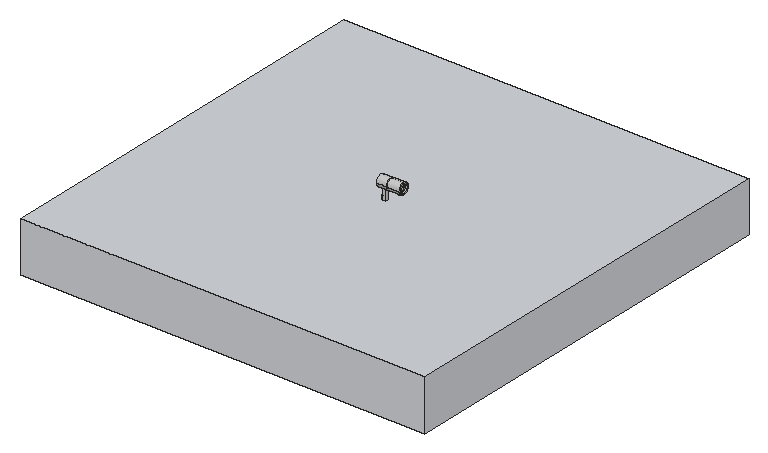
Revit family "LAMP_HANCE 48V 1000-2000 FLOOD", category Luminarias, Revit 2015
Parameters (values of type "625LM 2700 FLOOD BLACK")
  Weight = 0.435 kg
  Type = "COB PHILIPS"
  Tilting angle [instance] = 90.00°
  Tilting [instance] = if(Tilting angle < 0.00°, 0.00°, if(Tilting angle > 90.00°, 90.00°, Tilting angle))  # 90.00°
  Rotation angle [instance] = 90.00°
  Protection rating = "IP20"
  Product datasheet = "http://www.lamp.es/product-files/TECH/HS1TL10FL827NBB-EN.pdf"
  Product code = "HS1TL10FL827NBB"
  Product URL = "https://www.lamp.es/en/family/hance-48v_195581"
  Power Supply = "48V DC"
  Power = 9 W
  Plum = 9.4 W
  Photometric web file = Cuerpo Hance 48V BASE 1000_2000 (tilting)_FL : 625LM 2700 FLOOD BLACK
  Modelo = Product code  # "HS1TL10FL827NBB"
  Model explanation = "Availability of tilting between 0º and 90º, rotation between 0º and 355º and change ring color when placed in a project."
  Material tija = LAMP_Aluminio Hance Negro
  Manufacturer name = "LAMP"
  Manufacturer country = "Spain"
  Manufacturer URL = "http://www.lamp.es/en"
  MacAdam = "3"
  Luminaire type = "Indoor - Spotlight"
  Last update = "28/03/2019"
  Lamp = "COB LED"
  LED Lifetime = "50.000 L90 B10"
  Insulation class = "III"
  Installation instructions = "https://www.lamp.es/product-files/INS/1004290-B-INSTR.%20DE%20MONTAJE%20HANCE%2048V.pdf"
  Initial intensity = 625 lm
  Initial color = 2700 K
  IEE = "A+"
  Height = 135 mm
  Gear = "Electronic"
  Finish = "RAL9011 textured"
  Fabricante = Manufacturer name  # "LAMP"
  Default Elevation = 1219.2 mm
  Efficacy = 66 lm/W
  Diameter = 65 mm
  Descripción = "HANCE TRACK 48 1000 VWW FL BK."
  Decorative ring [instance] = Aro decorativo 48V (tilting) (1000-2000) : Black
  Comentarios de tipo = Model explanation  # "Availability of tilting between 0º and 90º, rotation between 0º and 355º and change ring color when placed in a project."
  CRI = "80"
Types (12, lengths in mm): name | Product datasheet | Product code | Power | Plum | Photometric web file | Modelo | Material tija | LED Lifetime | Initial intensity | Initial color | Finish | Efficacy | Descripción
  625LM 2700 FLOOD BLACK | "http://www.lamp.es/product-files/TECH/HS1TL10FL827NBB-EN.pdf" | "HS1TL10FL827NBB" | 9 W | 9.4 W | Cuerpo Hance 48V BASE 1000_2000 (tilting)_FL : 625LM 2700 FLOOD BLACK | "HS1TL10FL827NBB" | LAMP_Aluminio Hance Negro | "50.000 L90 B10" | 625 lm | 2700 K | "RAL9011 textured" | 66 lm/W | "HANCE TRACK 48 1000 VWW FL BK."
  625LM 2700 FLOOD WHITE | "http://www.lamp.es/product-files/TECH/HS1TL10FL827NBW-EN.pdf" | "HS1TL10FL827NBW" | 9 W | 9.4 W | Cuerpo Hance 48V BASE 1000_2000 (tilting)_FL : 625LM 2700 FLOOD WHITE | "HS1TL10FL827NBW" | LAMP_Aluminio Hance Blanco | "50.000 L90 B10" | 625 lm | 2700 K | "RAL9010 textured" | 66 lm/W | "HANCE TRACK 48 1000 VWW FL WH."
  637LM 3000 FLOOD BLACK | "http://www.lamp.es/product-files/TECH/HS1TL10FL830NBB-EN.pdf" | "HS1TL10FL830NBB" | 9 W | 9.4 W | Cuerpo Hance 48V BASE 1000_2000 (tilting)_FL : 637LM 3000 FLOOD BLACK | "HS1TL10FL830NBB" | LAMP_Aluminio Hance Negro | "50.000 L90 B10" | 637 lm | 3000 K | "RAL9011 textured" | 68 lm/W | "HANCE TRACK 48 1000 WW FL BK."
  637LM 3000 FLOOD WHITE | "http://www.lamp.es/product-files/TECH/HS1TL10FL830NBW-EN.pdf" | "HS1TL10FL830NBW" | 9 W | 9.4 W | Cuerpo Hance 48V BASE 1000_2000 (tilting)_FL : 637LM 3000 FLOOD WHITE | "HS1TL10FL830NBW" | LAMP_Aluminio Hance Blanco | "50.000 L90 B10" | 637 lm | 3000 K | "RAL9010 textured" | 68 lm/W | "HANCE TRACK 48 1000 WW FL WH."
  675LM 4000 FLOOD BLACK | "http://www.lamp.es/product-files/TECH/HS1TL10FL840NBB-EN.pdf" | "HS1TL10FL840NBB" | 9 W | 9.4 W | Cuerpo Hance 48V BASE 1000_2000 (tilting)_FL : 675LM 4000 FLOOD BLACK | "HS1TL10FL840NBB" | LAMP_Aluminio Hance Negro | "50.000 L90 B10" | 675 lm | 4000 K | "RAL9011 textured" | 72 lm/W | "HANCE TRACK 48 1000 NW FL BK."
  675LM 4000 FLOOD WHITE | "http://www.lamp.es/product-files/TECH/HS1TL10FL840NBW-EN.pdf" | "HS1TL10FL840NBW" | 9 W | 9.4 W | Cuerpo Hance 48V BASE 1000_2000 (tilting)_FL : 675LM 4000 FLOOD WHITE | "HS1TL10FL840NBW" | LAMP_Aluminio Hance Blanco | "50.000 L90 B10" | 675 lm | 4000 K | "RAL9010 textured" | 72 lm/W | "HANCE TRACK 48 1000 NW FL WH."
  1357LM 2700 FLOOD BLACK | "http://www.lamp.es/product-files/TECH/HS1TL20FL827NBB-EN.pdf" | "HS1TL20FL827NBB" | 18 W | 16.9 W | Cuerpo Hance 48V BASE 1000_2000 (tilting)_FL : 1357LM 2700 FLOOD BLACK | "HS1TL20FL827NBB" | LAMP_Aluminio Hance Negro | "50.000 L80 B10" | 1357 lm | 2700 K | "RAL9011 textured" | 80 lm/W | "HANCE TRACK 48 2000 VWW FL BK."
  1357LM 2700 FLOOD WHITE | "http://www.lamp.es/product-files/TECH/HS1TL20FL827NBW-EN.pdf" | "HS1TL20FL827NBW" | 18 W | 16.9 W | Cuerpo Hance 48V BASE 1000_2000 (tilting)_FL : 1357LM 2700 FLOOD WHITE | "HS1TL20FL827NBW" | LAMP_Aluminio Hance Blanco | "50.000 L80 B10" | 1357 lm | 2700 K | "RAL9010 textured" | 80 lm/W | "HANCE TRACK 48 2000 VWW FL WH."
  1384LM 3000 FLOOD BLACK | "http://www.lamp.es/product-files/TECH/HS1TL20FL830NBB-EN.pdf" | "HS1TL20FL830NBB" | 18 W | 16.9 W | Cuerpo Hance 48V BASE 1000_2000 (tilting)_FL : 1384LM 3000 FLOOD BLACK | "HS1TL20FL830NBB" | LAMP_Aluminio Hance Negro | "50.000 L80 B10" | 1384 lm | 3000 K | "RAL9011 textured" | 82 lm/W | "HANCE TRACK 48 2000 WW FL BK."
  1384LM 3000 FLOOD WHITE | "http://www.lamp.es/product-files/TECH/HS1TL20FL830NBW-EN.pdf" | "HS1TL20FL830NBW" | 18 W | 16.9 W | Cuerpo Hance 48V BASE 1000_2000 (tilting)_FL : 1384LM 3000 FLOOD WHITE | "HS1TL20FL830NBW" | LAMP_Aluminio Hance Blanco | "50.000 L80 B10" | 1384 lm | 3000 K | "RAL9010 textured" | 82 lm/W | "HANCE TRACK 48 2000 WW FL WH."
  1467LM 4000 FLOOD BLACK | "http://www.lamp.es/product-files/TECH/HS1TL20FL840NBB-EN.pdf" | "HS1TL20FL840NBB" | 18 W | 16.9 W | Cuerpo Hance 48V BASE 1000_2000 (tilting)_FL : 1467LM 4000 FLOOD BLACK | "HS1TL20FL840NBB" | LAMP_Aluminio Hance Negro | "50.000 L80 B10" | 1467 lm | 4000 K | "RAL9011 textured" | 87 lm/W | "HANCE TRACK 48 2000 NW FL BK."
  1467LM 4000 FLOOD WHITE | "http://www.lamp.es/product-files/TECH/HS1TL20FL840NBW-EN.pdf" | "HS1TL20FL840NBW" | 18 W | 16.9 W | Cuerpo Hance 48V BASE 1000_2000 (tilting)_FL : 1467LM 4000 FLOOD WHITE | "HS1TL20FL840NBW" | LAMP_Aluminio Hance Blanco | "50.000 L80 B10" | 1467 lm | 4000 K | "RAL9010 textured" | 87 lm/W | "HANCE TRACK 48 2000 NW FL WH."
Reference planes
  plane 1 "Centro (Frontal/Posterior)": y = 0
  plane 2: z = 0
  plane 3 "Centro (Izquierda/Derecha)": x = 0
Forms (mm)
  Extrusion 1, solid
    sketch origin (0, 0, 0) x (1, 0, 0) y (0, 1, 0)
      loop
        line (-1219.2, 1219.2) -> (-1219.2, -1219.2) -> (1219.2, -1219.2) -> (1219.2, 1219.2) -> (-1219.2, 1219.2)
    from 0 to -304.8
Lines and regions (mm)
  reference lines
    curve 1: line (0, 0, 0) -> (35, 0, 0)
Text (mm)
  text "Any modification of the parameters and properties of the LAMP BIM models must be executed and validated by the LAMP technical department.\n\nPhone: +34 93 736 68 00\n\nE-mail: lamp@lamp.es\n\n\n\nLAMP reserves the right to modify the technical specifications of its products." at (-20834.097, 15882.061, -4447.286), in view "Preview"
Dimensions and locks
  "Rotation angle": angle curve 1 to plane 3 "Centro (Izquierda/Derecha)"
  aligned and locked: plane 2 to Extrusion 1
  aligned and locked: level to Extrusion 1
  aligned and locked: plane 3 "Centro (Izquierda/Derecha)" to curve 1
  aligned and locked: plane 1 "Centro (Frontal/Posterior)" to curve 1
Automatic sketch dimensions
  Extrusion 1 sketch curve to Extrusion 1 sketch curve = 2438.4 mm  (x2)
Nested families
  nested 1: "Tija 48V (1000-2000)" at (4.1, 0, 0), type "Tija 48V"
  nested 2: "Cuerpo Hance 48V BASE 1000_2000 (tilting)_FL" at (1.081, -1.967, 77.249) x (1, 0, 0) z (0, 0, -1), type <- "Photometric web file", type "625LM 2700 FLOOD BLACK"
  nested 3: "Aro decorativo 48V (tilting) (1000-2000)" at (57.856, 0, 77.274) x (0, 0, 1) z (1, 0, 0), type <- "Decorative ring", type "Black"
    with Tilting 0.00°
Definition of nested family "Tija 48V (1000-2000)"
  Parameters (values of type "Tija 48V")
    Profundidad tija = 18 mm
    Material tija = none
    Default Elevation = 1219.2 mm
    Diametro vaciado redondo = if(Anchura tija = 20 mm, 10 mm, 7.5 mm)  # 10 mm
    Anchura tija = 20 mm
    Profundo vaciado = if(Profundidad tija = 18 mm, 10.8 mm, 1 mm)  # 10.8 mm
    Ancho vaciado = Anchura tija  # 20 mm
    Altura tija = 88.5 mm
  Reference planes
    plane 1 "Centro (Frontal/Posterior)": y = 0
    plane 2: z = 0
    plane 3 "Centro (Izquierda/Derecha)": x = 0
  Forms (mm)
    Extrusion 1, solid
      sketch origin (0, 0, 0) x (1, 0, 0) y (0, 1, 0)
        loop
          line (-1219.2, 1219.2) -> (-1219.2, -1219.2) -> (1219.2, -1219.2) -> (1219.2, 1219.2) -> (-1219.2, 1219.2)
      from 0 to -304.8
    Extrusion 2, solid, material <- "Material tija"
      sketch origin (0, 0, -18) x (1, 0, 0) y (0, 0, 1)
        loop
          line (13.9, 18) -> (13.9, 106.5) -> (-6.297, 106.5)
          arc (-6.297, 106.5) -> (-12.297, 100.5) -> (-6.297, 94.5) r 6
          line (-6.297, 94.5) -> (-4.1, 94.5) -> (-4.1, 40) -> (-18.142, 40) -> (-18.142, 18) -> (-4.1, 18) -> (13.9, 18)
      from -10 to 10
    Extrusion 3, void
      sketch origin (10.8, -11.5, 0) x (-1, 0, 0) y (0, 1, 0)
        loop
          line (0, 21.5) -> (-28.341, 21.5) -> (-28.341, 1.5) -> (0, 1.5)
          arc (0, 1.5) -> (-1.264, 11.5) -> (0, 21.5) r 40.201
      from -132.265 to 0
    Extrusion 4, void
      sketch origin (27.648, 0, 0) x (1, 0, 0) y (0, 1, 0)
        loop
          line (-31.748, 10) -> (-31.748, 20) -> (-61.648, 20) -> (-61.648, -18.394) -> (-31.748, -18.394) -> (-31.748, -10)
          arc (-31.748, -10) -> (-41.748, 0) -> (-31.748, 10) r 10
      from 0 to 22
    Extrusion 5, void
      sketch origin (0, 0, 0) x (1, 0, 0) y (0, 0, 1)
        loop
          circle (-7.621, 82.5) r 3.125
        loop
          circle (-7.621, 46.9) r 3.125
      from -21.347 to 27.483
  Cuts and joins
    Extrusion 3, Extrusion 4, Extrusion 5 cuts Extrusion 2
  Lines and regions (mm)
    reference lines
      curve 1: line (10.8, -11.5, 0) -> (10.8, 11.5, 0)
  Dimensions and locks
    equal spacing: cut or joined group of Extrusion 2, Extrusion 3, Extrusion 4, Extrusion 5, plane 1 "Centro (Frontal/Posterior)", cut or joined group of Extrusion 2, Extrusion 3, Extrusion 4, Extrusion 5
    "Anchura tija": cut or joined group of Extrusion 2, Extrusion 3, Extrusion 4, Extrusion 5 to cut or joined group of Extrusion 2, Extrusion 3, Extrusion 4, Extrusion 5
    plane 1 "Centro (Frontal/Posterior)" to Extrusion 3 sketch curve = 10 mm
    "Altura tija": Extrusion 2 sketch curve to Extrusion 2 sketch curve
    "Profundidad tija": cut or joined group of Extrusion 2, Extrusion 3, Extrusion 4, Extrusion 5 to cut or joined group of Extrusion 2, Extrusion 3, Extrusion 4, Extrusion 5
    locked: cut or joined group of Extrusion 2, Extrusion 3, Extrusion 4, Extrusion 5 to plane 3 "Centro (Izquierda/Derecha)" at 4.1
    locked: plane 3 "Centro (Izquierda/Derecha)" to Extrusion 3 sketch curve at 39.141
    "Profundo vaciado": plane 3 "Centro (Izquierda/Derecha)" to curve 1
    "Ancho vaciado": Extrusion 3 sketch curve to Extrusion 3 sketch curve
    equal spacing: Extrusion 3 sketch curve, plane 1 "Centro (Frontal/Posterior)", Extrusion 3 sketch curve
    "Diametro vaciado redondo": radius of Extrusion 4 sketch curve
    aligned and locked: plane 2 to Extrusion 1
    aligned and locked: level to Extrusion 1
  Automatic sketch dimensions
    Extrusion 1 sketch curve to Extrusion 1 sketch curve = 2438.4 mm  (x2)
    Extrusion 5 sketch curve to plane 3 "Centro (Izquierda/Derecha)" = 7.621 mm  (x2)
    level to Extrusion 5 sketch curve = 46.9 mm
    Extrusion 5 sketch curve to Extrusion 5 sketch curve = 35.6 mm
    Extrusion 5 sketch curve to Extrusion 5 sketch curve = 3.125 mm  (x2)
    Extrusion 2 sketch curve to level = 0 mm
    Extrusion 2 sketch curve to plane 3 "Centro (Izquierda/Derecha)" = 18.142 mm
    Extrusion 2 sketch curve to plane 3 "Centro (Izquierda/Derecha)" = 6.297 mm
    Extrusion 2 sketch curve to plane 3 "Centro (Izquierda/Derecha)" = 4.1 mm  (x2)
    plane 3 "Centro (Izquierda/Derecha)" to Extrusion 2 sketch curve = 13.9 mm
    level to Extrusion 2 sketch curve = 22 mm
    Extrusion 2 sketch curve to Extrusion 2 sketch curve = 12 mm
    plane 1 "Centro (Frontal/Posterior)" to curve 1 = 11.5 mm
    curve 1 to plane 1 "Centro (Frontal/Posterior)" = 11.5 mm
    Extrusion 3 sketch curve to curve 1 = 0 mm  (x2)
    curve 1 to Extrusion 3 sketch curve = 38.937 mm
    plane 1 "Centro (Frontal/Posterior)" to Extrusion 4 sketch curve = 0 mm
    Extrusion 4 sketch curve to plane 3 "Centro (Izquierda/Derecha)" = 34 mm
    Extrusion 4 sketch curve to plane 3 "Centro (Izquierda/Derecha)" = 4.1 mm
    plane 1 "Centro (Frontal/Posterior)" to Extrusion 4 sketch curve = 18.394 mm
    Extrusion 4 sketch curve to Extrusion 4 sketch curve = 10 mm
Definition of nested family "Cuerpo Hance 48V BASE 1000_2000 (tilting)_FL"
  Parameters (values of type "625LM 2700 FLOOD BLACK")
    Tilting = 90.00°
    Photometric web file = Cuerpo Hance 48V BASE 1000_2000_FL : 625LM 2700 FLOOD BLACK
    Longitud cuerpo = 135 mm
    Default Elevation = 1219.2 mm
  Types (13, lengths in mm): name | Photometric web file
    (no name) | Cuerpo Hance 48V BASE 1000_2000_FL : 625LM 2700 FLOOD BLACK
    625LM 2700 FLOOD BLACK | Cuerpo Hance 48V BASE 1000_2000_FL : 625LM 2700 FLOOD BLACK
    625LM 2700 FLOOD WHITE | Cuerpo Hance 48V BASE 1000_2000_FL : 625LM 2700 FLOOD WHITE
    637LM 3000 FLOOD BLACK | Cuerpo Hance 48V BASE 1000_2000_FL : 637LM 3000 FLOOD BLACK
    637LM 3000 FLOOD WHITE | Cuerpo Hance 48V BASE 1000_2000_FL : 637LM 3000 FLOOD WHITE
    675LM 4000 FLOOD BLACK | Cuerpo Hance 48V BASE 1000_2000_FL : 675LM 4000 FLOOD BLACK
    675LM 4000 FLOOD WHITE | Cuerpo Hance 48V BASE 1000_2000_FL : 675LM 4000 FLOOD WHITE
    1357LM 2700 FLOOD BLACK | Cuerpo Hance 48V BASE 1000_2000_FL : 1357LM 2700 FLOOD BLACK
    1357LM 2700 FLOOD WHITE | Cuerpo Hance 48V BASE 1000_2000_FL : 1357LM 2700 FLOOD WHITE
    1384LM 3000 FLOOD BLACK | Cuerpo Hance 48V BASE 1000_2000_FL : 1384LM 3000 FLOOD BLACK
    1384LM 3000 FLOOD WHITE | Cuerpo Hance 48V BASE 1000_2000_FL : 1384LM 3000 FLOOD WHITE
    1467LM 4000 FLOOD BLACK | Cuerpo Hance 48V BASE 1000_2000_FL : 1467LM 4000 FLOOD BLACK
    1467LM 4000 FLOOD WHITE | Cuerpo Hance 48V BASE 1000_2000_FL : 1467LM 4000 FLOOD WHITE
  Reference planes
    plane 1 "Centro (Frontal/Posterior)": y = 0
    plane 2: z = 0
    plane 3 "Centro (Izquierda/Derecha)": x = 0
  Lines and regions (mm)
    reference lines
      curve 1: line (0, 0, 0) -> (200, 0, 0)
  Dimensions and locks
    "Tilting": angle plane 3 "Centro (Izquierda/Derecha)" to curve 1
    aligned and locked: level to plane 2
    aligned and locked: plane 3 "Centro (Izquierda/Derecha)" to curve 1
    aligned and locked: plane 2 to curve 1
  Nested families
    nested 1: "Cuerpo Hance 48V BASE 1000_2000_FL" at (21.857, -1.967, 11.25), type <- "Photometric web file", type "625LM 2700 FLOOD BLACK"
  Definition of nested family "Cuerpo Hance 48V BASE 1000_2000_FL"
    Parameters (values of type "625LM 2700 FLOOD BLACK")
      Tilt Angle = 90.00° + Tilting  # 180.00°
      Wattage = 9.4 W
      Tilting = 90.00°
      built-in parameter 1150107 = 2700 (stored number, unit not read)
      Radio vacio posterior = Radio cuerpo - 2.2 mm  # 30.3 mm
      Radio vaciado = Radio cuerpo - 1.5 mm  # 31 mm
      Radio optica = if(Radio cuerpo = 20 mm, 10 mm, 23 mm)  # 23 mm
      Radio cuerpo = if(Longitud cuerpo = 78 mm, 20 mm, 32.5 mm)  # 32.5 mm
      built-in parameter 1150110 = 1 (stored number, unit not read)
      built-in parameter 1150109 = 1 (stored number, unit not read)
      built-in parameter 1150112 = 1 (stored number, unit not read)
      built-in parameter 1150113 = 1 (stored number, unit not read)
      built-in parameter 1114218 = 1 (stored number, unit not read)
      built-in parameter 1150137 = (empty or 0)
      built-in parameter 1150132 = 2
      Material reflector = none
      Material optica = none
      Material cuerpo = none
      Material COB = none
      Longitud cuerpo = 135 mm
      Long. origen luz = if(Longitud cuerpo = 78 mm, 20 mm, 77 mm)  # 77 mm
      L_2 = if(Ancho disipador posterior = 32 mm, 9.5 mm, 21 mm)  # 21 mm
      L_1 = if(Ancho disipador posterior = 32 mm, 13 mm, 27 mm)  # 27 mm
      built-in parameter 1150105 = 2150.4 (stored number, unit not read)
      built-in parameter 1150102 = (empty or 0)
      built-in parameter 1150106 = 21.504 (stored number, unit not read)
      Lumens = 620.4 lm
      Color Filter = 16777215
      built-in parameter 1114217 = 1 (stored number, unit not read)
      built-in parameter 1150139 = (empty or 0)
      Default Elevation = 1219.2 mm
      built-in parameter 1150104 = 6.1316 (stored number, unit not read)
      Efficacy = 66 lm/W
      Diametro aro = if(Radio cuerpo = 20 mm, 17.9 mm, 30.4 mm)  # 30.4 mm
      built-in parameter 1150115 = 1 (stored number, unit not read)
      built-in parameter 1150114 = 1 (stored number, unit not read)
      built-in parameter 1150138 = (empty or 0)
      built-in parameter 1150134 = (empty or 0)
      Dimming Lamp Color Temperature Shift = (empty or 0)
      Photometric Web File = "HS1TL10FL827NBB.IES"
      Ancho vaciado reflector = Ancho reflector - 1 mm  # 23 mm
      Ancho reflector = 24 mm
      Ancho disipador posterior = if(Radio cuerpo = 20 mm, 32 mm, 57 mm)  # 57 mm
      built-in parameter 1150133 = 10 (stored number, unit not read)
      Altura disipador superior = if(Radio cuerpo = 20 mm, 44.3 mm, 45.3 mm)  # 45.3 mm
      Ancho disipador superior = if(Radio cuerpo = 20 mm, 16.8 mm, 22.6 mm)  # 22.6 mm
    Types (12, lengths in mm): name | Wattage | built-in parameter 1150107 | built-in parameter 1150105 | built-in parameter 1150106 | Lumens | built-in parameter 1150104 | Efficacy | built-in parameter 1150134 | Photometric Web File
      625LM 2700 FLOOD BLACK | 9.4 W | 2700 (stored number, unit not read) | 2150.4 (stored number, unit not read) | 21.504 (stored number, unit not read) | 620.4 lm | 6.1316 (stored number, unit not read) | 66 lm/W | (empty or 0) | "HS1TL10FL827NBB.IES"
      625LM 2700 FLOOD WHITE | 9.4 W | 2700 (stored number, unit not read) | 2150.4 (stored number, unit not read) | 21.504 (stored number, unit not read) | 620.4 lm | 6.1316 (stored number, unit not read) | 66 lm/W | (empty or 0) | "HS1TL10FL827NBW.IES"
      637LM 3000 FLOOD BLACK | 9.4 W | 3000 (stored number, unit not read) | 1228.7 (stored number, unit not read) | 12.287 (stored number, unit not read) | 639.2 lm | 6.3174 (stored number, unit not read) | 68 lm/W | (empty or 0) | "HS1TL10FL830NBB.IES"
      637LM 3000 FLOOD WHITE | 9.4 W | 3000 (stored number, unit not read) | 1228.7 (stored number, unit not read) | 12.287 (stored number, unit not read) | 639.2 lm | 6.3174 (stored number, unit not read) | 68 lm/W | (empty or 0) | "HS1TL10FL830NBW.IES"
      675LM 4000 FLOOD BLACK | 9.4 W | 4000 (stored number, unit not read) | 1301 (stored number, unit not read) | 13.01 (stored number, unit not read) | 676.8 lm | 6.689 (stored number, unit not read) | 72 lm/W | 12 | "HS1TL10FL840NBB.IES"
      675LM 4000 FLOOD WHITE | 9.4 W | 4000 (stored number, unit not read) | 1301 (stored number, unit not read) | 13.01 (stored number, unit not read) | 676.8 lm | 6.689 (stored number, unit not read) | 72 lm/W | 12 | "HS1TL10FL840NBW.IES"
      1357LM 2700 FLOOD BLACK | 16.9 W | 2700 (stored number, unit not read) | 2598.9 (stored number, unit not read) | 25.989 (stored number, unit not read) | 1352 lm | 7.4322 (stored number, unit not read) | 80 lm/W | (empty or 0) | "HS1TL20FL827NBB.IES"
      1357LM 2700 FLOOD WHITE | 16.9 W | 2700 (stored number, unit not read) | 2598.9 (stored number, unit not read) | 25.989 (stored number, unit not read) | 1352 lm | 7.4322 (stored number, unit not read) | 80 lm/W | (empty or 0) | "HS1TL20FL827NBW.IES"
      1384LM 3000 FLOOD BLACK | 16.9 W | 3000 (stored number, unit not read) | 2762.8 (stored number, unit not read) | 27.628 (stored number, unit not read) | 1385.8 lm | 7.618 (stored number, unit not read) | 82 lm/W | (empty or 0) | "HS1TL20FL830NBB.IES"
      1384LM 3000 FLOOD WHITE | 16.9 W | 3000 (stored number, unit not read) | 2762.8 (stored number, unit not read) | 27.628 (stored number, unit not read) | 1385.8 lm | 7.618 (stored number, unit not read) | 82 lm/W | (empty or 0) | "HS1TL20FL830NBW.IES"
      1467LM 4000 FLOOD BLACK | 16.9 W | 4000 (stored number, unit not read) | 2931.2 (stored number, unit not read) | 29.312 (stored number, unit not read) | 1470.3 lm | 8.0826 (stored number, unit not read) | 87 lm/W | 12 | "HS1TL20FL840NBB.IES"
      1467LM 4000 FLOOD WHITE | 16.9 W | 4000 (stored number, unit not read) | 2931.2 (stored number, unit not read) | 29.312 (stored number, unit not read) | 1470.3 lm | 8.0826 (stored number, unit not read) | 87 lm/W | 12 | "HS1TL20FL840NBW.IES"
    Reference planes
      plane 1 "Centro (Frontal/Posterior)": y = 0
      plane 2: z = 0
      plane 3 "Centro (Izquierda/Derecha)": x = 0
    Forms (mm)
      Extrusion 1, solid, material <- "Material cuerpo"
        sketch origin (0, 0, 0) x (0, -1, 0) y (0, 0, 1)
          loop
            circle (0, -27.875) r 32.5
        from -93 to 42
      Extrusion 2, void
        sketch origin (0, 0, 0) x (0, 1, 0) y (0, 0, 1)
          loop
            line (11.3, 30) -> (-11.3, 30) -> (-11.3, -15.3)
            arc (-11.3, -15.3) -> (0, -16.149) -> (11.3, -15.3) r 75.643
            line (11.3, -15.3) -> (11.3, 30)
        from -42 to -9.283
      Extrusion 3, void
        sketch origin (0, 0, 0) x (0, 1, 0) y (0, 0, 1)
          loop
            circle (0, -27.875) r 30.3
        from -42 to -41
      Extrusion 4, void
        sketch origin (0, 0, 0) x (0, 1, 0) y (0, 0, 1)
          loop
            line (28.5, -26.291) -> (-28.5, -26.291)
            arc (-28.5, -26.291) -> (-29.7, -27.491) -> (-28.5, -28.691) r 1.2
            line (-28.5, -28.691) -> (28.5, -28.691)
            arc (28.5, -28.691) -> (29.7, -27.491) -> (28.5, -26.291) r 1.2
          loop
            line (28.115, -30.891) -> (-28.115, -30.891)
            arc (-28.115, -30.891) -> (-29.315, -32.091) -> (-28.115, -33.291) r 1.2
            line (-28.115, -33.291) -> (28.115, -33.291)
            arc (28.115, -33.291) -> (29.315, -32.091) -> (28.115, -30.891) r 1.2
          loop
            line (27, -35.404) -> (-25.984, -35.404)
            arc (-25.984, -35.404) -> (-27.184, -36.604) -> (-25.984, -37.804) r 1.2
            line (-25.984, -37.804) -> (27, -37.804)
            arc (27, -37.804) -> (28.2, -36.604) -> (27, -35.404) r 1.2
          loop
            line (21, -39.58) -> (-21.697, -39.58)
            arc (-21.697, -39.58) -> (-22.897, -40.78) -> (-21.697, -41.98) r 1.2
            line (-21.697, -41.98) -> (21, -41.98)
            arc (21, -41.98) -> (22.2, -40.78) -> (21, -39.58) r 1.2
        from -42 to -38.7
      Extrusion 5, void
        sketch origin (0, 0, 0) x (-1, 0, 0) y (0, -1, 0)
          loop
            line (37.7, -6.3) -> (37.7, 6.3)
            arc (37.7, 6.3) -> (36.6, 7.4) -> (35.5, 6.3) r 1.1
            line (35.5, 6.3) -> (35.5, -6.3)
            arc (35.5, -6.3) -> (36.6, -7.4) -> (37.7, -6.3) r 1.1
          loop
            line (28.9, -6.3) -> (28.9, 6.3)
            arc (28.9, 6.3) -> (27.8, 7.4) -> (26.7, 6.3) r 1.1
            line (26.7, 6.3) -> (26.7, -6.3)
            arc (26.7, -6.3) -> (27.8, -7.4) -> (28.9, -6.3) r 1.1
          loop
            line (20.1, -6.3) -> (20.1, 6.3)
            arc (20.1, 6.3) -> (19, 7.4) -> (17.9, 6.3) r 1.1
            line (17.9, 6.3) -> (17.9, -6.3)
            arc (17.9, -6.3) -> (19, -7.4) -> (20.1, -6.3) r 1.1
        from -18.74 to 30
      Extrusion 6, void
        sketch origin (0, 0, 0) x (-1, 0, 0) y (0, -1, 0)
          loop
            line (33.3, -6.3) -> (33.3, 6.3)
            arc (33.3, 6.3) -> (32.2, 7.4) -> (31.1, 6.3) r 1.1
            line (31.1, 6.3) -> (31.1, -6.3)
            arc (31.1, -6.3) -> (32.2, -7.4) -> (33.3, -6.3) r 1.1
          loop
            line (24.5, -6.3) -> (24.5, 6.3)
            arc (24.5, 6.3) -> (23.4, 7.4) -> (22.3, 6.3) r 1.1
            line (22.3, 6.3) -> (22.3, -6.3)
            arc (22.3, -6.3) -> (23.4, -7.4) -> (24.5, -6.3) r 1.1
        from -16.455 to 30
      Extrusion 7, void
        sketch origin (0, 0, 0) x (0, 1, 0) y (0, 0, 1)
          loop
            circle (0, -27.875) r 31
        from 17.213 to 93
      Extrusion 8, solid, material <- "Material COB"
        sketch origin (0, 0, 0) x (0, -1, 0) y (0, 0, 1)
          loop
            circle (0, -27.875) r 7.733
        from -75.2 to -74.213
      Revolve 9, solid, material <- "Material reflector"
        sketch origin (0, 0, 0) x (1, 0, 0) y (0, 0, 1)
          loop
            line (79.5, -3.875) -> (74.213, -6.142) -> (73.213, -6.57) -> (73.213, -27.875) -> (74.213, -27.875) -> (74.213, -20.142) -> (75.2, -20.142) -> (79.5, -4.875) -> (79.5, -3.875)
          axis (73.213, -27.875) -> (79.5, -27.875)
        angle from 0 to 360
    Cuts and joins
      Extrusion 2, Extrusion 3, Extrusion 4, Extrusion 5, Extrusion 6, Extrusion 7 cuts Extrusion 1
    Lines and regions (mm)
      reference lines
        curve 1: line (0, 0, 0) -> (178.042, 0, 0)
        curve 2: line (36, 0, -27.875) -> (113, 0, -27.875)
        curve 3: line (0, 0, 0) -> (0, 0, -75)
        curve 4: line (36, 0, -22.875) -> (36, 0, -32.875)
    Text (mm)
      text "Any modification of the parameters and properties of the LAMP BIM models must be executed and validated by the LAMP technical department.\n\nPhone: +34 93 736 68 00\n\nE-mail: lamp@lamp.es\n\n\n\nLAMP reserves the right to modify the technical specifications of its products." at (97482.136, -81600.41, 57308.082), in view "Preview"
    Dimensions and locks
      "Longitud cuerpo": cut or joined group of Extrusion 1, Extrusion 2, Extrusion 3, Extrusion 4, Extrusion 5, Extrusion 6, Extrusion 7 to cut or joined group of Extrusion 1, Extrusion 2, Extrusion 3, Extrusion 4, Extrusion 5, Extrusion 6, Extrusion 7
      locked: cut or joined group of Extrusion 1, Extrusion 2, Extrusion 3, Extrusion 4, Extrusion 5, Extrusion 6, Extrusion 7 to curve 3 at 42
      "Long. origen luz": curve 4 to curve 2
      equal spacing: Extrusion 4 sketch curve, plane 1 "Centro (Frontal/Posterior)", Extrusion 4 sketch curve
      "Ancho disipador posterior": Extrusion 4 sketch curve to Extrusion 4 sketch curve
      "L_1": Extrusion 4 sketch curve to plane 1 "Centro (Frontal/Posterior)"
      "L_2": Extrusion 4 sketch curve to curve 3
      equal spacing: Extrusion 2 sketch curve, plane 1 "Centro (Frontal/Posterior)", Extrusion 2 sketch curve
      "Ancho disipador superior": Extrusion 2 sketch curve to Extrusion 2 sketch curve
      "Altura disipador superior": Extrusion 2 sketch curve to Extrusion 2 sketch curve
      locked: plane 2 to Extrusion 2 sketch curve at 30
      locked: Extrusion 8 to Extrusion 8 at 0.987
      locked: cut or joined group of Extrusion 1, Extrusion 2, Extrusion 3, Extrusion 4, Extrusion 5, Extrusion 6, Extrusion 7 to Extrusion 8 at 17.8
      "Ancho reflector": Revolve 9 sketch curve to imposter light
      locked: Revolve 9 to cut or joined group of Extrusion 1, Extrusion 2, Extrusion 3, Extrusion 4, Extrusion 5, Extrusion 6, Extrusion 7 at 13.5
      "Radio cuerpo": radius of Extrusion 1 sketch curve
      "Radio vaciado": radius of Extrusion 7 sketch curve
      "Radio vacio posterior": radius of Extrusion 3 sketch curve
      "Tilting": angle plane 3 "Centro (Izquierda/Derecha)" to curve 1
      aligned and locked: level to plane 2
      aligned and locked: imposter light to curve 2  (x2)
      aligned and locked: cut or joined group of Extrusion 1, Extrusion 2, Extrusion 3, Extrusion 4, Extrusion 5, Extrusion 6, Extrusion 7 to cut or joined group of Extrusion 1, Extrusion 2, Extrusion 3, Extrusion 4, Extrusion 5, Extrusion 6, Extrusion 7
    Automatic sketch dimensions
      Extrusion 8 sketch curve to plane 1 "Centro (Frontal/Posterior)" = 0 mm
      curve 1 to Extrusion 5 sketch curve = 17.9 mm
      Extrusion 5 sketch curve to Extrusion 5 sketch curve = 1.1 mm  (x3)
      Extrusion 5 sketch curve to Extrusion 5 sketch curve = 6.6 mm  (x2)
      Extrusion 5 sketch curve to curve 1 = 6.3 mm  (x3)
      curve 1 to Extrusion 5 sketch curve = 6.3 mm  (x3)
      Extrusion 6 sketch curve to curve 1 = 6.3 mm  (x2)
      curve 1 to Extrusion 6 sketch curve = 22.3 mm
      Extrusion 6 sketch curve to Extrusion 6 sketch curve = 1.1 mm  (x2)
      Extrusion 6 sketch curve to Extrusion 6 sketch curve = 6.6 mm
      curve 1 to Extrusion 6 sketch curve = 6.3 mm
      Extrusion 6 sketch curve to Extrusion 6 sketch curve = 0 mm
      Extrusion 1 sketch curve to plane 1 "Centro (Frontal/Posterior)" = 0 mm
      Extrusion 1 sketch curve to level = 27.875 mm
      Extrusion 2 sketch curve to plane 1 "Centro (Frontal/Posterior)" = 0 mm
      Extrusion 2 sketch curve to Extrusion 2 sketch curve = 29.494 mm
      Extrusion 3 sketch curve to plane 1 "Centro (Frontal/Posterior)" = 0 mm
      Extrusion 3 sketch curve to level = 27.875 mm
      Extrusion 4 sketch curve to Extrusion 4 sketch curve = 0.385 mm  (x2)
      Extrusion 4 sketch curve to Extrusion 4 sketch curve = 2.132 mm
      Extrusion 4 sketch curve to Extrusion 4 sketch curve = 4.287 mm
      Extrusion 4 sketch curve to level = 41.98 mm
      Extrusion 4 sketch curve to Extrusion 4 sketch curve = 1.2 mm  (x4)
      Extrusion 4 sketch curve to Extrusion 4 sketch curve = 1.776 mm
      Extrusion 4 sketch curve to Extrusion 4 sketch curve = 2.113 mm
      Extrusion 4 sketch curve to Extrusion 4 sketch curve = 2.2 mm
      Extrusion 7 sketch curve to plane 1 "Centro (Frontal/Posterior)" = 0 mm
      Extrusion 7 sketch curve to level = 27.875 mm
      curve 1 to level = 0 mm
      curve 1 to plane 3 "Centro (Izquierda/Derecha)" = 0 mm
      curve 3 to curve 1 = 0 mm  (x2)
      curve 3 to curve 1 = 75 mm
      curve 1 to curve 4 = 36 mm
      curve 1 to curve 4 = 32.875 mm
      curve 1 to curve 2 = 27.875 mm
      curve 2 to curve 4 = 5 mm
      Revolve 9 sketch curve to level = 6.57 mm
      plane 3 "Centro (Izquierda/Derecha)" to Revolve 9 sketch curve = 73.213 mm
      Revolve 9 sketch curve to level = 6.142 mm
      Revolve 9 sketch curve to Revolve 9 sketch curve = 1 mm  (x3)
      Revolve 9 sketch curve to level = 20.142 mm
      Revolve 9 sketch curve to Revolve 9 sketch curve = 0.987 mm
      Revolve 9 sketch curve to Revolve 9 sketch curve = 5.287 mm
      Revolve 9 sketch curve to Revolve 9 sketch curve = 7.733 mm
      Revolve 9 sketch curve to Revolve 9 sketch curve = 0 mm  (x2)
      Revolve 9 sketch curve to Revolve 9 sketch curve = 18.787 mm
      radius of Extrusion 8 sketch curve = 7.733 mm
Definition of nested family "Aro decorativo 48V (tilting) (1000-2000)"
  Parameters (values of type "Copper")
    Weight (1000/2000) = 0.01 kg
    Weight (500) = 0.004 kg
    Tilting = 90.00°
    Product datasheet = ""
    Product code (1000/2000) = "HSRI65C"
    Product code (500) = "HSRI40C"
    Product URL = ""
    Model = ""
    Material aro secundario = none
    Material aro = none
    Manufacturer name = "LAMP"
    Manufacturer country = "Spain"
    Manufacturer URL = "http://www.lamp.es/en"
    Longitud = 47.9 mm
    Last update = "18/03/2019"
    Installation instructions = ""
    Finish = "Metalized matt copper"
    Manufacturer = Manufacturer name  # "LAMP"
    Default Elevation = 1219.2 mm
    Diameter (1000/2000) = 65 mm
    Diameter (500) = 40 mm
    Description = ""
    Accessory Type = "Optic"
    1000/2000 Model = "HSRI65C"
    1000/2000 Description = "HANCE 1000/2000 ACC. RING DECO CO."
    500 Model = "HSRI40C"
    500 Description = "HANCE 500 ACC. RING DECO CO."
  Types (5, lengths in mm): name | Product code (1000/2000) | Product code (500) | Finish | 1000/2000 Model | 1000/2000 Description | 500 Model | 500 Description
    (no name) | "HSRI65C" | "HSRI40C" | "Metalized matt copper" | "HSRI65C" | "HANCE 1000/2000 ACC. RING DECO CO." | "HSRI40C" | "HANCE 500 ACC. RING DECO CO."
    Black | "" | "" | "Matt black" | "" | "" | "" | ""
    Copper | "HSRI65C" | "HSRI40C" | "Metalized matt copper" | "HSRI65C" | "HANCE 1000/2000 ACC. RING DECO CO." | "HSRI40C" | "HANCE 500 ACC. RING DECO CO."
    Grey | "HSRI65M" | "HSRI40M" | "Metalized matt silver" | "HSRI65M" | "HANCE 1000/2000 ACC. RING DECO MET." | "HSRI40M" | "HANCE 500 ACC. RING DECO MET."
    White | "HSRI65W" | "HSRI40W" | "Matt black" | "HSRI65W" | "HANCE 1000/2000 ACC. RING DECO WH." | "HSRI40W" | "HANCE 500 ACC. RING DECO WH."
  Reference planes
    plane 1 "Centro (Frontal/Posterior)": y = 0
    plane 2: z = 0
    plane 3 "Centro (Izquierda/Derecha)": x = 0
  Lines and regions (mm)
    reference lines
      curve 1: line (0, 0, 0) -> (0, 0, -16.564)
      curve 2: line (0, 0, -16.564) -> (47.89, 0, -16.564)
  Text (mm)
    text "Any modification of the parameters and properties of the LAMP BIM models must be executed and validated by the LAMP technical department.\n\nPhone: +34 93 736 68 00\n\nE-mail: lamp@lamp.es\n\n\n\nLAMP reserves the right to modify the technical specifications of its products." at (86527.204, -96597.187, 50741.736), in view "Preview"
  Dimensions and locks
    "Tilting": angle curve 1 to plane 2
    aligned and locked: level to plane 2
    aligned and locked: plane 3 "Centro (Izquierda/Derecha)" to curve 1
    aligned and locked: plane 2 to curve 1
  Automatic sketch dimensions
    curve 2 to curve 1 = 0 mm
    curve 1 to curve 2 = 0 mm
    curve 1 to curve 2 = 47.89 mm
  Nested families
    nested 1: "Aro decorativo 48V (1000-2000)" at (-0.01, 0, 0), type "Copper"
  Definition of nested family "Aro decorativo 48V (1000-2000)"
    Parameters (values of type "Copper")
      Weight (1000/2000) = 0.01 kg
      Weight (500) = 0.004 kg
      Product datasheet = ""
      Product code (1000/2000) = "HSRI65C"
      Product code (500) = "HSRI40C"
      Product URL = ""
      Model = ""
      Material aro secundario = none
      Material aro = none
      Manufacturer name = "LAMP"
      Manufacturer country = "Spain"
      Manufacturer URL = "http://www.lamp.es/en"
      Longitud = 47.9 mm
      Last update = "18/03/2019"
      Installation instructions = ""
      Finish = "Metalized matt copper"
      Manufacturer = Manufacturer name  # "LAMP"
      Radio vaciado aro interior = 24.921 mm
      Radio vaciado aro exterior = 30 mm
      Radio aro interior = 25.985 mm
      Radio aro exterior = 31 mm
      Default Elevation = 1219.2 mm
      Diameter (1000/2000) = 65 mm
      Diameter (500) = 40 mm
      Description = ""
      Accessory Type = "Optic"
      1000/2000 Model = "HSRI65C"
      1000/2000 Description = "HANCE 1000/2000 ACC. RING DECO CO."
      500 Description = "HANCE 500 ACC. RING DECO CO."
      500 Model = "HSRI40C"
    Types (5, lengths in mm): name | Product code (1000/2000) | Product code (500) | Finish | Radio vaciado aro interior | Radio aro interior | 1000/2000 Model | 1000/2000 Description | 500 Description | 500 Model
      (no name) | "HSRI65C" | "HSRI40C" | "Metalized matt copper" | 24.921 | 25.985 | "HSRI65C" | "HANCE 1000/2000 ACC. RING DECO CO." | "HANCE 500 ACC. RING DECO CO." | "HSRI40C"
      Black | "" | "" | "Matt black" | 24.9 | 26 | "" | "" | "" | ""
      Copper | "HSRI65C" | "HSRI40C" | "Metalized matt copper" | 24.921 | 25.985 | "HSRI65C" | "HANCE 1000/2000 ACC. RING DECO CO." | "HANCE 500 ACC. RING DECO CO." | "HSRI40C"
      Grey | "HSRI65M" | "HSRI40M" | "Metalized matt silver" | 24.9 | 26 | "HSRI65M" | "HANCE 1000/2000 ACC. RING DECO MET." | "HANCE 500 ACC. RING DECO MET." | "HSRI40M"
      White | "HSRI65W" | "HSRI40W" | "Matt white" | 24.9 | 26 | "HSRI65W" | "HANCE 1000/2000 ACC. RING DECO WH." | "HANCE 500 ACC. RING DECO WH." | "HSRI40W"
    Reference planes
      plane 1 "Centro (Frontal/Posterior)": y = 0
      plane 2: z = 0
      plane 3 "Centro (Izquierda/Derecha)": x = 0
    Forms (mm)
      Revolve 1, solid, material <- "Material aro"
        sketch origin (0, 0, -16.6) x (1, 0, 0) y (0, 0, 1)
          loop
            line (46.082, 0) -> (58.082, 0) -> (58.082, 31) -> (46.082, 25.921) -> (46.082, 0)
          axis (58.082, 0) -> (46.082, 0)
        angle from 0 to 360
      Revolve 2, void
        sketch origin (0, 0, -16.6) x (1, 0, 0) y (0, 0, 1)
          loop
            line (58.082, 30) -> (46.082, 24.921) -> (46.082, 0) -> (58.082, 0) -> (58.082, 30)
          axis (46.082, 0) -> (58.082, 0)
        angle from 0 to 360
      Revolve 3, solid, material <- "Material aro secundario"
        sketch origin (0, 0, 0) x (1, 0, 0) y (0, 0, 1)
          loop
            line (46.082, -16.6) -> (46.082, 9.321) -> (42.782, 7.294) -> (42.782, -16.6) -> (46.082, -16.6)
          axis (42.782, -16.6) -> (46.082, -16.6)
        angle from 0 to 360
      Revolve 4, void
        sketch origin (0, 0, 0) x (1, 0, 0) y (0, 0, 1)
          loop
            line (42.782, -16.6) -> (46.082, -16.6) -> (46.082, 8.321) -> (42.782, 6.294) -> (42.782, -16.6)
          axis (42.782, -16.6) -> (46.082, -16.6)
        angle from 0 to 360
    Cuts and joins
      Revolve 2 cuts Revolve 1
      Revolve 4 cuts Revolve 3
    Lines and regions (mm)
      reference lines
        curve 1: line (0, 0, -16.6) -> (47.9, 0, -16.6)
    Text (mm)
      text "Any modification of the parameters and properties of the LAMP BIM models must be executed and validated by the LAMP technical department.\n\nPhone: +34 93 736 68 00\n\nE-mail: lamp@lamp.es\n\n\n\nLAMP reserves the right to modify the technical specifications of its products." at (91886.357, -93022.329, 47898.266), in view "Preview"
    Dimensions and locks
      "Radio aro exterior": Revolve 1 sketch curve to Revolve 1 sketch curve
      "Radio vaciado aro exterior": Revolve 2 sketch curve to Revolve 2 sketch curve
      "Longitud": curve 1 to plane 3 "Centro (Izquierda/Derecha)"
      "Radio aro interior": Revolve 1 sketch curve to Revolve 1 sketch curve
      "Radio vaciado aro interior": Revolve 2 sketch curve to Revolve 2 sketch curve
      aligned and locked: level to plane 2
    Automatic sketch dimensions
      Revolve 3 sketch curve to plane 3 "Centro (Izquierda/Derecha)" = 0 mm
      Revolve 3 sketch curve to level = 16.6 mm
      plane 3 "Centro (Izquierda/Derecha)" to Revolve 3 sketch curve = 42.782 mm
      Revolve 3 sketch curve to Revolve 3 sketch curve = 3.3 mm
      level to Revolve 3 sketch curve = 7.294 mm
      Revolve 3 sketch curve to Revolve 3 sketch curve = 1.818 mm
      Revolve 3 sketch curve to Revolve 3 sketch curve = 0 mm
      Revolve 3 sketch curve to Revolve 3 sketch curve = 2.027 mm
      Revolve 4 sketch curve to plane 3 "Centro (Izquierda/Derecha)" = 0 mm
      Revolve 4 sketch curve to level = 16.6 mm  (x2)
      plane 3 "Centro (Izquierda/Derecha)" to Revolve 4 sketch curve = 42.782 mm
      Revolve 4 sketch curve to Revolve 4 sketch curve = 3.3 mm
      level to Revolve 4 sketch curve = 8.321 mm
      level to Revolve 4 sketch curve = 6.294 mm
      Revolve 4 sketch curve to Revolve 4 sketch curve = 1.818 mm
      Revolve 1 sketch curve to curve 1 = 0 mm  (x3)
      Revolve 1 sketch curve to curve 1 = 1.818 mm
      curve 1 to Revolve 1 sketch curve = 10.182 mm
      Revolve 1 sketch curve to Revolve 1 sketch curve = 0 mm
      Revolve 2 sketch curve to curve 1 = 0 mm  (x2)
      Revolve 2 sketch curve to curve 1 = 1.818 mm
      curve 1 to Revolve 2 sketch curve = 10.182 mm
      Revolve 2 sketch curve to curve 1 = 1261.008 mm
      Revolve 2 sketch curve to Revolve 2 sketch curve = 1898.983 mm
      curve 1 to plane 3 "Centro (Izquierda/Derecha)" = 0 mm
      curve 1 to level = 16.6 mm
